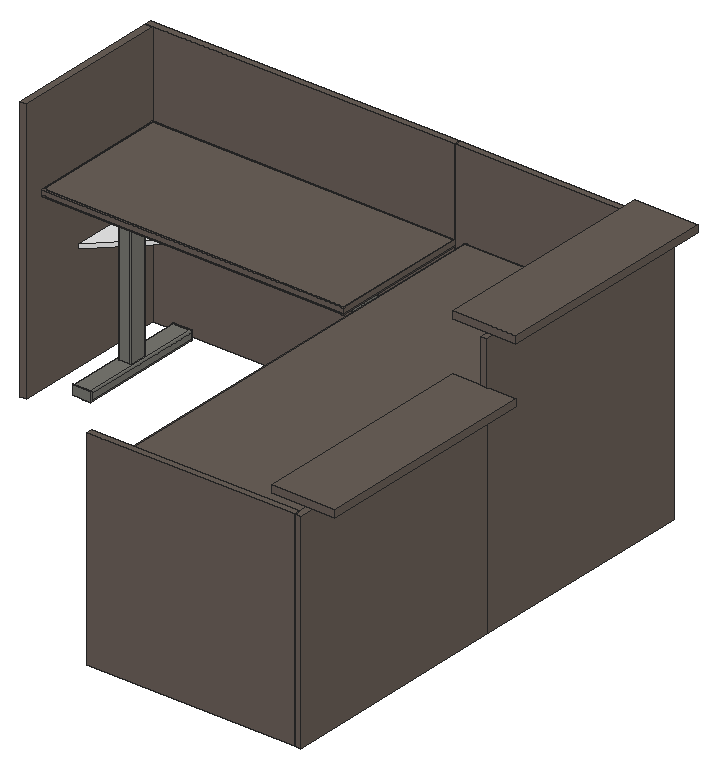
Revit family "OFS TYPICAL T200035", category Furniture, Revit 2022
Family settings
  OmniClass Number = 23.40.20.00
  OmniClass Title = General Furniture and Specialties
  Work Plane-Based = No
  Always vertical = Yes
  Cut with Voids When Loaded = No
  Render Appearance Source = Family Geometry
  Shared = No
  Room Calculation Point = No
Parameters (values of type "T200035")
  URL = "http://ofs.com/"
  Model = "T200035"
  Manufacturer = "OFS"
  Description = "OFS TYPICAL T200035"
  Default Elevation = 0' - 0"
  Copyright © = "©OFS 2024"
  Catalog = ""
  Authoring Version = "Autodesk Revit 2018"
  Assembly Code = "E2020200"
Reference planes (in)
  plane 1 "Center Front/Back": y = 0
  plane 2: z = 0
  plane 3 "Center Left/Right": x = 0
Dimensions and locks (in)
  aligned and locked: level to plane 2
Nested families (in)
  nested 1: "STAKS SUPPORT BASE - PANEL - WALL PANEL" at (18.125, -2.62535, 0), type "STAKS SUPPORT WALL PANEL 28 X 12"
  nested 2: "STAKS RECTANGULAR WORKSURFACES Short Grain" at (-55.05498, 0.33365, 0), type "STAKS RECTANGULAR WORKSURFACE 22 x 48"
    with Height Above Floor 2' - 5"
  nested 3: "STAKS RECTANGULAR WORKSURFACES Long Grain" at (0.16635, -79.55498, 0) x (0, 1, 0) z (0, 0, 1), type "STAKS RECTANGULAR WORKSURFACE 70.5 x 30"
    with Height Above Floor 2' - 5", Depth 2' - 6", Width 5' - 10 1/2"
  nested 4: "STAKS WORKSURFACE HEIGHT PEDESTAL - BOX-BOX-FILE - NO RISER SUPPORT" at (9.49965, -43.08539, 0) x (0, -1, 0) z (0, 0, 1), type "STAKS WORKSURFACE HEIGHT PEDESTAL - BOX-BOX-FILE - NO RISER SUPPORT 27in D"
  nested 5: "STAKS SPINE OR DIVIDER WALL 33in" at (40.55498, -75.83365, 0.125) x (-1, 0, 0) z (0, 0, 1), type "STAKS SPINE OR DIVIDER WALL 33in X 33in"
    with Height Above Floor 2' - 9"
  nested 6: "STAKS SPINE OR DIVIDER WALL 33in" at (31.16635, -81.55498, 0.125) x (0, 1, 0) z (0, 0, 1), type "STAKS SPINE OR DIVIDER WALL 33in X 37in"
    with Height Above Floor 2' - 9"
  nested 7: "STAKS SPINE OR DIVIDER WALL 42in" at (-50.83365, -33.55498, 0) x (0, 1, 0) z (0, 0, 1), type "STAKS SPINE OR DIVIDER WALL 42in X 25"
    with Height Above Floor 3' - 6", Width 2' - 1"
  nested 8: "STAKS SPINE OR DIVIDER WALL 42in" at (-7.55498, 1.83365, 0.125), type "STAKS SPINE OR DIVIDER WALL 42in X 33in"
    with Height Above Floor 3' - 6"
  nested 9: "STAKS SPINE OR DIVIDER WALL 42in" at (31.16635, -44.55498, 0.125) x (0, 1, 0) z (0, 0, 1), type "STAKS SPINE OR DIVIDER WALL 42in X 37in"
    with Height Above Floor 3' - 6"
  nested 10: "STAKS SPINE OR DIVIDER WALL 42in" at (-56.55498, 1.83365, 0.125), type "STAKS SPINE OR DIVIDER WALL 42in X 49in"
    with Height Above Floor 3' - 6"
  nested 11: "STAKS TRANSACTION SHELF" at (31.50035, -2.5, -4.5) x (0, 1, 0) z (0, 0, 1), type "STAKS TRANSACTION SHELF 36in"
  nested 12: "STAKS CENTER ELECTRIC ADJUSTABLE HEIGHT BASE Rectangular" at (-25.5, -9.87535, 0), type "STAKS CENTER ELECTRIC ADJUSTABLE HEIGHT BASE 24in Rectangular"
    with Height 2' - 3 7/8"
  nested 13: "STAKS BENCHING CANTILEVER WORKSURFACE BRACKET - OPEN" at (30.12465, -61.25, 0) x (0, -1, 0) z (0, 0, 1), type "CANTILEVER WORKSURFACE BRACKET - OPEN 30in"
  nested 14: "STAKS BENCHING PRESS FIT BRACKET" at (50, -31.3047, 15.125), type "STAKS BENCHING PRESS FIT BRACKET"
  nested 15: "STAKS BENCHING CANTILEVER WORKSURFACE BRACKET - MINI CONCEALED" at (-0.25, -53.43715, 0) x (-1, 0, 0) z (0, 0, 1), type "STAKS CANTILEVER WORKSURFACE BRACKET - MINI CONCEALED"
  nested 16: "STAKS CORNER SHELF FOR WALL PANEL" at (-43.40381, -5.59619, -11.5) x (0.7071, 0.7071, 0) z (0, 0, 1), type "STAKS CORNER SHELF FOR WALL PANEL"
    with Height Above Floor 2' - 5"
  nested 17: "STAKS CENTER ELECTRIC ADJUSTABLE HEIGHT BASE Rectangular" at (-21.5, -9.87535, 0) x (-1, 0, 0) z (0, 0, 1), type "STAKS CENTER ELECTRIC ADJUSTABLE HEIGHT BASE 24in Rectangular"
    with Height 2' - 3 7/8"
  nested 18: "STAKS SUPPORT BASE - PANEL - WALL PANEL" at (31.37465, -39.42935, 0) x (0, -1, 0) z (0, 0, 1), type "STAKS SUPPORT WALL PANEL 28 X 12"
  nested 19: "STAKS BENCHING CANTILEVER WORKSURFACE BRACKET - OPEN" at (30.12465, 6.39129, 0) x (0, 1, 0) z (0, 0, 1), type "CANTILEVER WORKSURFACE BRACKET - OPEN 30in"
  nested 20: "STAKS BENCHING PRESS FIT BRACKET" at (50, -10.3047, 15.125), type "STAKS BENCHING PRESS FIT BRACKET"
  nested 21: "STAKS BENCHING PRESS FIT BRACKET" at (50, -45.3047, 6.125), type "STAKS BENCHING PRESS FIT BRACKET"
  nested 22: "STAKS BENCHING PRESS FIT BRACKET" at (50, -64.3047, 6.125), type "STAKS BENCHING PRESS FIT BRACKET"
  nested 23: "STAKS TRANSACTION SHELF" at (31.50035, -38.5, -13.5) x (0, 1, 0) z (0, 0, 1), type "STAKS TRANSACTION SHELF 36in"
Definition of nested family "STAKS SUPPORT BASE - PANEL - WALL PANEL"
  Parameters (values of type "STAKS SUPPORT BASE 21 X 12")
    Width [instance] = 1' - 0"
    WALL SUPPORT = no
    URL = "http://www.ofs.com"
    SUPPORT PANEL = no
    SUPPORT BASE = yes
    Model = "6-2112SB"
    Manufacturer = "OFS"
    Height = 1' - 9 7/8"
    Description = "OFS STAKS SUPPORT BASE 21 X12, Base Supports 22\"D Worksurfaces"
    Depth = 1' - 0"
    Default Elevation = 0' - 0"
    Copyright © = "©OFS 2018"
    Catalog = "https://ofs.com/products/casegoods/private-office/staks"
    Authoring Version = "Autodesk Revit Architecture 2013"
    Assembly Code = "E2020200"
  Types (7): name | WALL SUPPORT | SUPPORT PANEL | SUPPORT BASE | Model | Height | Description | Depth
    STAKS SUPPORT PANEL 28 X 12 | no | yes | no | "6-2812SP" | 2' - 3 7/8" | "OFS STAKS SUPPORT PANEL 28 X 12, End Panel Supports 22\"D Worksurfaces" | 1' - 0"
    STAKS SUPPORT BASE 28 X 12 | no | no | yes | "6-2812SB" | 2' - 3 7/8" | "OFS STAKS SUPPORT BASE 28 X12, Base Supports 22\"D Worksurfaces" | 1' - 0"
    STAKS SUPPORT WALL PANEL 28 X 12 | yes | no | no | "6-2812SWPS" | 2' - 3 3/8" | "OFS STAKS SUPPORT WALL PANEL 28 X12, Provides Support for Worksurface in Conjunction with Cantilevers and Stabilizes Wall Panels" | 1' - 0"
    STAKS SUPPORT BASE 21 X 12 | no | no | yes | "6-2112SB" | 1' - 9 7/8" | "OFS STAKS SUPPORT BASE 21 X12, Base Supports 22\"D Worksurfaces" | 1' - 0"
    STAKS SUPPORT BASE 28 X 18 | no | no | yes | "6-2818SB" | 2' - 3 7/8" | "OFS STAKS SUPPORT BASE 28 X18, Base Supports 30\"D Worksurfaces" | 1' - 6"
    STAKS SUPPORT PANEL 21 X 12 | no | yes | no | "6-2112SP" | 1' - 9 7/8" | "OFS STAKS SUPPORT PANEL 21 X 12, End Panel Supports 22\"D Worksurfaces" | 1' - 0"
    STAKS SUPPORT PANEL 28 X 18 | no | yes | no | "6-2818SP" | 2' - 3 7/8" | "OFS STAKS SUPPORT PANEL 28 X 18, End Panel Supports 30\"D Worksurfaces" | 1' - 6"
  Reference planes (in)
    plane 1: z = 0
    plane 2 "Left": x = -12
    plane 3 "Back": y = 1.62535
    plane 4 "PANELL TOP": z = 21.875
    plane 5 "RIGHT": x = -11
    plane 6: y = -10.37465
    plane 7: y = 0.62535
    plane 8: x = -5.5
    plane 9: x = -17.5
  Forms (in)
    Extrusion 1, solid, visible <- "SUPPORT PANEL"
      sketch origin (-7.62535, -10.37465, -0.18015) x (1, 0, 0) y (0, 0, 1)
        loop
          line (-4.37465, 22.05515) -> (-4.37465, 0.18015) -> (-3.37465, 0.18015) -> (-3.37465, 22.05515) -> (-4.37465, 22.05515)
      from -12 to 0
    Extrusion 2, solid, visible <- "SUPPORT BASE"
      sketch origin (-5.5, 5, -0.18015) x (0, 1, 0) y (0, 0, 1)
        loop
          line (-4.37465, 22.05515) -> (-4.37465, 0.18015) -> (-3.37465, 0.18015) -> (-3.37465, 22.05515) -> (-4.37465, 22.05515)
      from -12 to 0
    Extrusion 3, solid, visible <- "SUPPORT BASE"
      sketch origin (3.37465, -10.37465, -0.18015) x (1, 0, 0) y (0, 0, 1)
        loop
          line (-15.37465, 22.05515) -> (-15.37465, 0.18015) -> (-14.37465, 0.18015) -> (-14.37465, 22.05515) -> (-15.37465, 22.05515)
      from -11 to 0
    Extrusion 4, solid, visible <- "WALL SUPPORT"
      sketch origin (-12, 0, 0) x (0, 1, 0) y (0, 0, 1)
        loop
          line (1.62535, 0) -> (1.62535, 20.375) -> (0.12535, 21.875) -> (-0.37465, 21.875) -> (-0.37465, 19.285) -> (-3.43765, 19.285) -> (-3.43765, 21.875) -> (-10.37465, 21.875) -> (-4.43765, 0) -> (1.62535, 0)
      from 0 to 1
  Lines and regions (in)
    Masking region 1, visible <- "SUPPORT PANEL"
      outline origin (-12.62535, -10.37465, 0) x (0, -1, 0) y (1, 0, 0)
        loop
          line (-12, 1.62535) -> (-12, 0.62535) -> (0, 0.62535) -> (0, 1.62535) -> (-12, 1.62535)
    Masking region 2, visible <- "SUPPORT BASE"
      outline origin (-5.5, 0, 0) x (1, 0, 0) y (0, 1, 0)
        loop
          line (-12, 1.62535) -> (-12, 0.62535) -> (0, 0.62535) -> (0, 1.62535) -> (-12, 1.62535)
    Masking region 3, visible <- "SUPPORT BASE"
      outline origin (-1.62535, -10.37465, 0) x (0, -1, 0) y (1, 0, 0)
        loop
          line (-11, -9.37465) -> (-11, -10.37465) -> (0, -10.37465) -> (0, -9.37465) -> (-11, -9.37465)
    Masking region 4, visible <- "WALL SUPPORT"
      outline origin (0, 0, 0) x (1, 0, 0) y (0, 1, 0)
        loop
          line (-11, 1.62535) -> (-12, 1.62535) -> (-12, -10.37465) -> (-11, -10.37465) -> (-11, 1.62535)
  Dimensions and locks (in)
    "Height": plane 4 "PANELL TOP" to plane 1
    locked: plane 2 "Left" to plane 5 "RIGHT" at 1
    "Depth": plane 6 to plane 3 "Back"
    locked: plane 7 to plane 3 "Back" at 1
    locked: plane 9 to plane 2 "Left" at 5.5
    locked: plane 5 "RIGHT" to plane 8 at 5.5
    "Width": plane 9 to plane 8
    aligned: Extrusion 1 to plane 2 "Left"
    aligned: Extrusion 1 to plane 1
    aligned and locked: level to plane 1
    aligned: Extrusion 1 to plane 4 "PANELL TOP"
    aligned: Extrusion 1 to plane 3 "Back"
    aligned and locked: plane 6 to Extrusion 1
    aligned and locked: plane 6 to Masking region 1
    aligned and locked: Extrusion 3 to plane 7
    aligned and locked: Masking region 3 to plane 7
    aligned and locked: plane 6 to Extrusion 3
    aligned and locked: plane 6 to Masking region 3
    aligned and locked: Extrusion 1 to plane 6  (x2)
    aligned and locked: plane 7 to Extrusion 2
    aligned and locked: plane 7 to Masking region 2
    aligned and locked: Masking region 2 to plane 3 "Back"
    aligned and locked: Extrusion 2 to plane 3 "Back"
    aligned and locked: Extrusion 1 to plane 3 "Back"
    aligned and locked: Masking region 1 to plane 3 "Back"
    aligned and locked: Extrusion 1 to plane 2 "Left"
    aligned and locked: plane 5 "RIGHT" to Extrusion 1
    aligned and locked: plane 8 to Masking region 2
    aligned and locked: plane 8 to Extrusion 2
    aligned and locked: Extrusion 2 to plane 9
    aligned and locked: Masking region 2 to plane 9
    aligned and locked: Extrusion 3 to plane 2 "Left"
    aligned and locked: plane 5 "RIGHT" to Extrusion 3
    aligned and locked: Masking region 3 to plane 2 "Left"
    aligned and locked: plane 5 "RIGHT" to Masking region 3
    aligned and locked: Extrusion 3 to plane 4 "PANELL TOP"
    aligned and locked: Extrusion 1 to plane 4 "PANELL TOP"
    aligned and locked: plane 4 "PANELL TOP" to Extrusion 2
    aligned and locked: plane 4 "PANELL TOP" to Extrusion 4 sketch curve
    aligned and locked: Extrusion 4 sketch curve to plane 4 "PANELL TOP"
    aligned and locked: Extrusion 4 sketch curve to plane 3 "Back"
    aligned and locked: Extrusion 4 sketch curve to plane 1
    aligned and locked: Extrusion 4 to plane 2 "Left"
    aligned and locked: plane 5 "RIGHT" to Extrusion 4
  Automatic sketch dimensions
    Extrusion 1 sketch curve to plane 2 "Left" = 0' - 0"
    Extrusion 1 sketch curve to level = 0' - 0"
    Extrusion 1 sketch curve to plane 5 "RIGHT" = 0' - 0"
    Extrusion 1 sketch curve to plane 4 "PANELL TOP" = 0' - 0"
    Masking region 1 sketch curve to plane 2 "Left" = 0' - 0"
    plane 3 "Back" to Masking region 1 sketch curve = 0' - 0"
    Masking region 1 sketch curve to plane 5 "RIGHT" = 0' - 0"
    plane 6 to Masking region 1 sketch curve = 0' - 0"
    Extrusion 2 sketch curve to plane 4 "PANELL TOP" = 0' - 0"
    Extrusion 2 sketch curve to plane 7 = 0' - 0"
    Extrusion 2 sketch curve to level = 0' - 0"
    Extrusion 2 sketch curve to plane 3 "Back" = 0' - 0"
    plane 7 to Masking region 2 sketch curve = 0' - 0"
    Masking region 2 sketch curve to plane 9 = 0' - 0"
    plane 3 "Back" to Masking region 2 sketch curve = 0' - 0"
    Masking region 2 sketch curve to plane 8 = 0' - 0"
    Extrusion 3 sketch curve to plane 2 "Left" = 0' - 0"
    Extrusion 3 sketch curve to level = 0' - 0"
    Extrusion 3 sketch curve to plane 5 "RIGHT" = 0' - 0"
    Extrusion 3 sketch curve to plane 4 "PANELL TOP" = 0' - 0"
    Masking region 3 sketch curve to plane 2 "Left" = 0' - 0"
    plane 7 to Masking region 3 sketch curve = 0' - 0"
    Masking region 3 sketch curve to plane 5 "RIGHT" = 0' - 0"
    plane 6 to Masking region 3 sketch curve = 0' - 0"
    Extrusion 4 sketch curve to plane 6 = 0' - 0"
    plane 7 to Extrusion 4 sketch curve = 0' - 1"
    Extrusion 4 sketch curve to plane 4 "PANELL TOP" = 0' - 2.59"
    plane 7 to Extrusion 4 sketch curve = 0' - 5.063"
    Extrusion 4 sketch curve to Extrusion 4 sketch curve = 0' - 3.063"
    Extrusion 4 sketch curve to Extrusion 4 sketch curve = 0' - 0 1/2"
    Extrusion 4 sketch curve to plane 4 "PANELL TOP" = 0' - 1 1/2"
    Masking region 4 sketch curve to plane 2 "Left" = 0' - 0"
    Masking region 4 sketch curve to plane 5 "RIGHT" = 0' - 0"
    plane 6 to Masking region 4 sketch curve = 0' - 0"
    plane 3 "Back" to Masking region 4 sketch curve = 0' - 0"
Definition of nested family "STAKS RECTANGULAR WORKSURFACES Short Grain"
  Parameters (values of type "STAKS RECTANGULAR WORKSURFACE 22 x 15.625")
    URL = "http://www.ofs.com/"
    Height Above Floor [instance] = 2' - 5"
    Height = 0' - 1 1/8"
    Depth = 1' - 10"
    Model = "6-MCT-22/15.625"
    Manufacturer = "OFS"  # constant formula
    Description = "OFS STAKS 22 X 15.625 RECTANGULAR WORKSURFACE For Worksurface or Low Height Applications, Short Grain"
    Width = 1' - 3 5/8"
    Default Elevation = 0' - 0"
    Copyright © = "© 2018 OFS"  # constant formula
    Catalog = "https://ofs.com/products/casegoods/private-office/staks"  # constant formula
    Authoring Version = "Autodesk Revit Architecture 2013"
    Assembly Code = "E2020200"
  Types (24): name | Model | Description | Width
    STAKS RECTANGULAR WORKSURFACE 22 x 15.625 | "6-MCT-22/15.625" | "OFS STAKS 22 X 15.625 RECTANGULAR WORKSURFACE For Worksurface or Low Height Applications, Short Grain" | 1' - 3 5/8"
    STAKS RECTANGULAR WORKSURFACE 22 x 34 | "6-MCT-22/34" | "OFS STAKS 22 X 34 RECTANGULAR WORKSURFACE For Worksurface or Low Height Applications, Short Grain" | 2' - 10"
    STAKS RECTANGULAR WORKSURFACE 22 x 36 | "6-MCT-22/36" | "OFS STAKS 22 X 36 RECTANGULAR WORKSURFACE For Worksurface or Low Height Applications, Short Grain" | 3' - 0"
    STAKS RECTANGULAR WORKSURFACE 22 x 42 | "6-MCT-22/42" | "OFS STAKS 22 X 42 RECTANGULAR WORKSURFACE For Worksurface or Low Height Applications, Short Grain" | 3' - 6"
    STAKS RECTANGULAR WORKSURFACE 22 x 46 | "6-MCT-22/46" | "OFS STAKS 22 X 46 RECTANGULAR WORKSURFACE For Worksurface or Low Height Applications, Short Grain" | 3' - 10"
    STAKS RECTANGULAR WORKSURFACE 22 x 48 | "6-MCT-22/48" | "OFS STAKS 22 X 48 RECTANGULAR WORKSURFACE For Worksurface or Low Height Applications, Short Grain" | 4' - 0"
    STAKS RECTANGULAR WORKSURFACE 22 x 48.5 | "6-MCT-22/48.5" | "OFS STAKS 22 X 48.5 RECTANGULAR WORKSURFACE For Worksurface or Low Height Applications, Short Grain" | 4' - 0 1/2"
    STAKS RECTANGULAR WORKSURFACE 22 x 54 | "6-MCT-22/54" | "OFS STAKS 22 X 54 RECTANGULAR WORKSURFACE For Worksurface or Low Height Applications, Short Grain" | 4' - 6"
    STAKS RECTANGULAR WORKSURFACE 22 x 55.5 | "6-MCT-22/55.5" | "OFS STAKS 22 X 55.5 RECTANGULAR WORKSURFACE For Worksurface or Low Height Applications, Short Grain" | 4' - 7 1/2"
    STAKS RECTANGULAR WORKSURFACE 22 x 59 | "6-MCT-22/59" | "OFS STAKS 22 X 59 RECTANGULAR WORKSURFACE For Worksurface or Low Height Applications, Short Grain" | 4' - 11"
    STAKS RECTANGULAR WORKSURFACE 22 x 60 | "6-MCT-22/60" | "OFS STAKS 22 X 60 RECTANGULAR WORKSURFACE For Worksurface or Low Height Applications, Short Grain" | 5' - 0"
    STAKS RECTANGULAR WORKSURFACE 22 x 64 | "6-MCT-22/64" | "OFS STAKS 22 X 64 RECTANGULAR WORKSURFACE For Worksurface or Low Height Applications, Short Grain" | 5' - 4"
    STAKS RECTANGULAR WORKSURFACE 22 x 66 | "6-MCT-22/66" | "OFS STAKS 22 X 66 RECTANGULAR WORKSURFACE For Worksurface or Low Height Applications, Short Grain" | 5' - 6"
    STAKS RECTANGULAR WORKSURFACE 22 x 69.625 | "6-MCT-22/69.625" | "OFS STAKS 22 X 69.625 RECTANGULAR WORKSURFACE For Worksurface or Low Height Applications, Short Grain" | 5' - 9 5/8"
    STAKS RECTANGULAR WORKSURFACE 22 x 70.5 | "6-MCT-22/70.5" | "OFS STAKS 22 X 70.5 RECTANGULAR WORKSURFACE For Worksurface or Low Height Applications, Short Grain" | 5' - 10 1/2"
    STAKS RECTANGULAR WORKSURFACE 22 x 72 | "6-MCT-22/72" | "OFS STAKS 22 X 72 RECTANGULAR WORKSURFACE For Worksurface or Low Height Applications, Short Grain" | 6' - 0"
    STAKS RECTANGULAR WORKSURFACE 22 x 74 | "6-MCT-22/74" | "OFS STAKS 22 X 74 RECTANGULAR WORKSURFACE For Worksurface or Low Height Applications, Short Grain" | 6' - 2"
    STAKS RECTANGULAR WORKSURFACE 22 x 78 | "6-MCT-22/78" | "OFS STAKS 22 X 78 RECTANGULAR WORKSURFACE For Worksurface or Low Height Applications, Short Grain" | 6' - 6"
    STAKS RECTANGULAR WORKSURFACE 22 x 82.5 | "6-MCT-22/82.5" | "OFS STAKS 22 X 82.5 RECTANGULAR WORKSURFACE For Worksurface or Low Height Applications, Short Grain" | 6' - 10 1/2"
    STAKS RECTANGULAR WORKSURFACE 22 x 84 | "6-MCT-22/84" | "OFS STAKS 22 X 84 RECTANGULAR WORKSURFACE For Worksurface or Low Height Applications, Short Grain" | 7' - 0"
    STAKS RECTANGULAR WORKSURFACE 22 x 87.625 | "6-MCT-22/87.625" | "OFS STAKS 22 X 87.625 RECTANGULAR WORKSURFACE For Worksurface or Low Height Applications, Short Grain" | 7' - 3 5/8"
    STAKS RECTANGULAR WORKSURFACE 22 x 90 | "6-MCT-22/90" | "OFS STAKS 22 X 90 RECTANGULAR WORKSURFACE For Worksurface or Low Height Applications, Short Grain" | 7' - 6"
    STAKS RECTANGULAR WORKSURFACE 22 x 94 | "6-MCT-22/94" | "OFS STAKS 22 X 94 RECTANGULAR WORKSURFACE For Worksurface or Low Height Applications, Short Grain" | 7' - 10"
    STAKS RECTANGULAR WORKSURFACE 22 x 96 | "6-MCT-22/96" | "OFS STAKS 22 X 96 RECTANGULAR WORKSURFACE For Worksurface or Low Height Applications, Short Grain" | 8' - 0"
  Reference planes (in)
    plane 1: z = -0.125
    plane 2 "LEFT": x = 7.55498
    plane 3 "RIGHT": x = 23.17998
    plane 4 "BACK": y = -1.83365
    plane 5 "FRONT": y = -23.83365
    plane 6: x = 7.67998
    plane 7: x = 23.05498
    plane 8: y = -1.95865
    plane 9: y = -23.70865
    plane 10: z = 27.75
    plane 11 "SURFACE TOP": z = 28.875
  Forms (in)
    Extrusion 1, solid
      sketch origin (0, 0, 17.125) x (-1, 0, 0) y (0, -1, 0)
        loop
          line (-7.67998, 1.95865) -> (-7.67998, 23.70865) -> (-23.05498, 23.70865) -> (-23.05498, 1.95865) -> (-7.67998, 1.95865)
      from 11.75 to 10.625
    Sweep 2, solid
      path origin (0, 0, 28.875) x (0, 1, 0) y (-1, 0, 0)
        loop
          line (-23.83365, -7.55498) -> (-23.83365, -23.17998) -> (-1.83365, -23.17998) -> (-1.83365, -7.55498) -> (-23.83365, -7.55498)
      profile origin (15.36748, -23.83365, 28.875) x (0, 1, 0) y (0, 0, 1)
        loop
          arc (0.125, 0) -> (0.03661, -0.03661) -> (0, -0.125) r 0.125
          line (0, -0.125) -> (0, -1)
          arc (0, -1) -> (0.03661, -1.08839) -> (0.125, -1.125) r 0.125
          line (0.125, -1.125) -> (0.125, 0)
  Lines and regions (in)
    Masking region 1
      outline origin (0, 0, 16.625) x (-1, 0, 0) y (0, -1, 0)
        loop
          line (-7.67998, 1.95865) -> (-7.55498, 1.83365) -> (-7.55498, 23.83365) -> (-7.67998, 23.70865) -> (-7.67998, 1.95865)
    Masking region 2
      outline origin (0, 0, 16.625) x (-1, 0, 0) y (0, -1, 0)
        loop
          line (-7.55498, 1.83365) -> (-7.67998, 1.95865) -> (-23.05498, 1.95865) -> (-23.17998, 1.83365) -> (-7.55498, 1.83365)
    Masking region 3
      outline origin (0, 0, 16.625) x (-1, 0, 0) y (0, -1, 0)
        loop
          line (-23.17998, 1.83365) -> (-23.05498, 1.95865) -> (-23.05498, 23.70865) -> (-23.17998, 23.83365) -> (-23.17998, 1.83365)
    Masking region 4
      outline origin (0, 0, 16.625) x (-1, 0, 0) y (0, -1, 0)
        loop
          line (-23.17998, 23.83365) -> (-23.05498, 23.70865) -> (-7.67998, 23.70865) -> (-7.55498, 23.83365) -> (-23.17998, 23.83365)
    Masking region 5
      outline origin (0, 0, 16.625) x (-1, 0, 0) y (0, -1, 0)
        loop
          line (-23.05498, 23.70865) -> (-23.05498, 1.95865) -> (-7.67998, 1.95865) -> (-7.67998, 23.70865) -> (-23.05498, 23.70865)
  Dimensions and locks (in)
    "Depth": plane 4 "BACK" to plane 5 "FRONT"
    "Width": plane 2 "LEFT" to plane 3 "RIGHT"
    "Height": plane 11 "SURFACE TOP" to plane 10
    locked: plane 4 "BACK" to plane 8 at 0.125
    locked: plane 2 "LEFT" to plane 6 at 0.125
    locked: plane 7 to plane 3 "RIGHT" at 0.125
    locked: plane 9 to plane 5 "FRONT" at 0.125
    "Height Above Floor": plane 11 "SURFACE TOP" to level
    aligned: level to plane 1
    aligned and locked: plane 8 to Extrusion 1 sketch curve
    aligned and locked: Extrusion 1 sketch curve to plane 6
    aligned and locked: Extrusion 1 sketch curve to plane 9
    aligned and locked: plane 7 to Extrusion 1 sketch curve
    aligned and locked: plane 11 "SURFACE TOP" to Extrusion 1
    aligned and locked: Extrusion 1 to plane 10
    aligned and locked: Sweep 2 sketch curve to plane 5 "FRONT"
    aligned and locked: Sweep 2 sketch curve to plane 2 "LEFT"
    aligned and locked: plane 4 "BACK" to Sweep 2 sketch curve
    aligned and locked: plane 3 "RIGHT" to Sweep 2 sketch curve
  Automatic sketch dimensions
    Masking region 1 sketch curve to plane 6 = 0' - 0"
    Masking region 1 sketch curve to plane 2 "LEFT" = 0' - 0"
    Masking region 1 sketch curve to plane 4 "BACK" = 0' - 0"
    Masking region 1 sketch curve to plane 8 = 0' - 0"
    Masking region 1 sketch curve to plane 9 = 0' - 0"
    Masking region 1 sketch curve to plane 5 "FRONT" = 0' - 0"
    Masking region 2 sketch curve to plane 3 "RIGHT" = 0' - 0"
    Masking region 2 sketch curve to plane 7 = 0' - 0"
    Masking region 2 sketch curve to plane 6 = 0' - 0"
    Masking region 2 sketch curve to plane 2 "LEFT" = 0' - 0"
    Masking region 2 sketch curve to plane 4 "BACK" = 0' - 0"
    Masking region 2 sketch curve to plane 8 = 0' - 0"
    Masking region 3 sketch curve to plane 3 "RIGHT" = 0' - 0"
    Masking region 3 sketch curve to plane 7 = 0' - 0"
    Masking region 3 sketch curve to plane 4 "BACK" = 0' - 0"
    Masking region 3 sketch curve to plane 8 = 0' - 0"
    Masking region 3 sketch curve to plane 9 = 0' - 0"
    Masking region 3 sketch curve to plane 5 "FRONT" = 0' - 0"
    Masking region 4 sketch curve to plane 3 "RIGHT" = 0' - 0"
    Masking region 4 sketch curve to plane 7 = 0' - 0"
    Masking region 4 sketch curve to plane 6 = 0' - 0"
    Masking region 4 sketch curve to plane 2 "LEFT" = 0' - 0"
    Masking region 4 sketch curve to plane 9 = 0' - 0"
    Masking region 4 sketch curve to plane 5 "FRONT" = 0' - 0"
    Masking region 5 sketch curve to plane 7 = 0' - 0"
    Masking region 5 sketch curve to plane 6 = 0' - 0"
    Masking region 5 sketch curve to plane 8 = 0' - 0"
    Masking region 5 sketch curve to plane 9 = 0' - 0"
    Sweep 2 sketch curve to profile plane = 0' - 0"
    Sweep 2 sketch curve to plane 11 "SURFACE TOP" = 0' - 0"
    Sweep 2 sketch curve to profile plane = 0' - 0 1/8"
    Sweep 2 sketch curve to Sweep 2 sketch curve = 0' - 0 7/8"
Definition of nested family "STAKS RECTANGULAR WORKSURFACES Long Grain"
  Parameters (values of type "STAKS RECTANGULAR WORKSURFACE 15.625 x 22")
    URL = "http://www.ofs.com/"
    Height Above Floor [instance] = 2' - 5"
    Height = 0' - 1 1/8"
    Depth = 1' - 10"
    Model = "6-MCT-15.625/22"
    Manufacturer = "OFS"
    Description = "OFS STAKS 15.625 X 22 RECTANGULAR WORKSURFACE For Worksurface or Low Height Applications, Long Grain"
    Width = 1' - 3 5/8"
    Default Elevation = 0' - 0"
    Copyright © = "© 2018 OFS"
    Catalog = "https://ofs.com/products/casegoods/private-office/staks"
    Authoring Version = "Autodesk Revit Architecture 2013"
    Assembly Code = "E2020200"
  Types (26): name | Model | Description | Width
    STAKS RECTANGULAR WORKSURFACE 15.625 x 22 | "6-MCT-15.625/22" | "OFS STAKS 15.625 X 22 RECTANGULAR WORKSURFACE For Worksurface or Low Height Applications, Long Grain" | 1' - 3 5/8"
    STAKS RECTANGULAR WORKSURFACE 24 x 22 | "6-MCT-24/22" | "OFS STAKS 24 X 22 RECTANGULAR WORKSURFACE For Worksurface or Low Height Applications, Long Grain" | 2' - 0"
    STAKS RECTANGULAR WORKSURFACE 30 x 22 | "6-MCT-30/22" | "OFS STAKS 30 X 22 RECTANGULAR WORKSURFACE For Worksurface or Low Height Applications, Long Grain" | 2' - 6"
    STAKS RECTANGULAR WORKSURFACE 34 x 22 | "6-MCT-34/22" | "OFS STAKS 34 X 22 RECTANGULAR WORKSURFACE For Worksurface or Low Height Applications, Long Grain" | 2' - 10"
    STAKS RECTANGULAR WORKSURFACE 36 x 22 | "6-MCT-36/22" | "OFS STAKS 36 X 22 RECTANGULAR WORKSURFACE For Worksurface or Low Height Applications, Long Grain" | 3' - 0"
    STAKS RECTANGULAR WORKSURFACE 42 x 22 | "6-MCT-42/22" | "OFS STAKS 42 X 22 RECTANGULAR WORKSURFACE For Worksurface or Low Height Applications, Long Grain" | 3' - 6"
    STAKS RECTANGULAR WORKSURFACE 46 x 22 | "6-MCT-46/22" | "OFS STAKS 46 X 22 RECTANGULAR WORKSURFACE For Worksurface or Low Height Applications, Long Grain" | 3' - 10"
    STAKS RECTANGULAR WORKSURFACE 48 x 22 | "6-MCT-48/22" | "OFS STAKS 48 X 22 RECTANGULAR WORKSURFACE For Worksurface or Low Height Applications, Long Grain" | 4' - 0"
    STAKS RECTANGULAR WORKSURFACE 48.5 x 22 | "6-MCT-48.5/22" | "OFS STAKS 48.5 X 22 RECTANGULAR WORKSURFACE For Worksurface or Low Height Applications, Long Grain" | 4' - 0 1/2"
    STAKS RECTANGULAR WORKSURFACE 54 x 22 | "6-MCT-54/22" | "OFS STAKS 54 X 22 RECTANGULAR WORKSURFACE For Worksurface or Low Height Applications, Long Grain" | 4' - 6"
    STAKS RECTANGULAR WORKSURFACE 55.5 x 22 | "6-MCT-55.5/22" | "OFS STAKS 55.5 X 22 RECTANGULAR WORKSURFACE For Worksurface or Low Height Applications, Long Grain" | 4' - 7 1/2"
    STAKS RECTANGULAR WORKSURFACE 59 x 22 | "6-MCT-59/22" | "OFS STAKS 59 X 22 RECTANGULAR WORKSURFACE For Worksurface or Low Height Applications, Long Grain" | 4' - 11"
    STAKS RECTANGULAR WORKSURFACE 60 x 22 | "6-MCT-60/22" | "OFS STAKS 60 X 22 RECTANGULAR WORKSURFACE For Worksurface or Low Height Applications, Long Grain" | 5' - 0"
    STAKS RECTANGULAR WORKSURFACE 64 x 22 | "6-MCT-64/22" | "OFS STAKS 64 X 22 RECTANGULAR WORKSURFACE For Worksurface or Low Height Applications, Long Grain" | 5' - 4"
    STAKS RECTANGULAR WORKSURFACE 66 x 22 | "6-MCT-66/22" | "OFS STAKS 66 X 22 RECTANGULAR WORKSURFACE For Worksurface or Low Height Applications, Long Grain" | 5' - 6"
    STAKS RECTANGULAR WORKSURFACE 69.625 x 22 | "6-MCT-69.625/22" | "OFS STAKS 69.625 X 22 RECTANGULAR WORKSURFACE For Worksurface or Low Height Applications, Long Grain" | 5' - 9 5/8"
    STAKS RECTANGULAR WORKSURFACE 70.5 x 22 | "6-MCT-70.5/22" | "OFS STAKS 70.5 X 22 RECTANGULAR WORKSURFACE For Worksurface or Low Height Applications, Long Grain" | 5' - 10 1/2"
    STAKS RECTANGULAR WORKSURFACE 72 x 22 | "6-MCT-72/22" | "OFS STAKS 72 X 22 RECTANGULAR WORKSURFACE For Worksurface or Low Height Applications, Long Grain" | 6' - 0"
    STAKS RECTANGULAR WORKSURFACE 74 x 22 | "6-MCT-74/22" | "OFS STAKS 74 X 22 RECTANGULAR WORKSURFACE For Worksurface or Low Height Applications, Long Grain" | 6' - 2"
    STAKS RECTANGULAR WORKSURFACE 78 x 22 | "6-MCT-78/22" | "OFS STAKS 78 X 22 RECTANGULAR WORKSURFACE For Worksurface or Low Height Applications, Long Grain" | 6' - 6"
    STAKS RECTANGULAR WORKSURFACE 82.5 x 22 | "6-MCT-82.5/22" | "OFS STAKS 82.5 X 22 RECTANGULAR WORKSURFACE For Worksurface or Low Height Applications, Long Grain" | 6' - 10 1/2"
    STAKS RECTANGULAR WORKSURFACE 84 x 22 | "6-MCT-84/22" | "OFS STAKS 84 X 22 RECTANGULAR WORKSURFACE For Worksurface or Low Height Applications, Long Grain" | 7' - 0"
    STAKS RECTANGULAR WORKSURFACE 87.625 x 22 | "6-MCT-87.625/22" | "OFS STAKS 87.625 X 22 RECTANGULAR WORKSURFACE For Worksurface or Low Height Applications, Long Grain" | 7' - 3 5/8"
    STAKS RECTANGULAR WORKSURFACE 90 x 22 | "6-MCT-90/22" | "OFS STAKS 90 X 22 RECTANGULAR WORKSURFACE For Worksurface or Low Height Applications, Long Grain" | 7' - 6"
    STAKS RECTANGULAR WORKSURFACE 94 x 22 | "6-MCT-94/22" | "OFS STAKS 94 X 22 RECTANGULAR WORKSURFACE For Worksurface or Low Height Applications, Long Grain" | 7' - 10"
    STAKS RECTANGULAR WORKSURFACE 96 x 22 | "6-MCT-96/22" | "OFS STAKS 96 X 22 RECTANGULAR WORKSURFACE For Worksurface or Low Height Applications, Long Grain" | 8' - 0"
  Reference planes (in)
    plane 1: z = -0.125
    plane 2 "LEFT": x = 7.55498
    plane 3 "RIGHT": x = 23.17998
    plane 4 "BACK": y = -1.83365
    plane 5 "FRONT": y = -23.83365
    plane 6: x = 7.67998
    plane 7: x = 23.05498
    plane 8: y = -1.95865
    plane 9: y = -23.70865
    plane 10: z = 27.75
    plane 11 "SURFACE TOP": z = 28.875
  Forms (in)
    Extrusion 1, solid
      sketch origin (0, 0, 17.125) x (-1, 0, 0) y (0, -1, 0)
        loop
          line (-7.67998, 1.95865) -> (-7.67998, 23.70865) -> (-23.05498, 23.70865) -> (-23.05498, 1.95865) -> (-7.67998, 1.95865)
      from 11.75 to 10.625
    Sweep 2, solid
      path origin (0, 0, 28.875) x (0, 1, 0) y (-1, 0, 0)
        loop
          line (-23.83365, -7.55498) -> (-23.83365, -23.17998) -> (-1.83365, -23.17998) -> (-1.83365, -7.55498) -> (-23.83365, -7.55498)
      profile origin (15.36748, -23.83365, 28.875) x (0, 1, 0) y (0, 0, 1)
        loop
          arc (0.125, 0) -> (0.03661, -0.03661) -> (0, -0.125) r 0.125
          line (0, -0.125) -> (0, -1)
          arc (0, -1) -> (0.03661, -1.08839) -> (0.125, -1.125) r 0.125
          line (0.125, -1.125) -> (0.125, 0)
  Lines and regions (in)
    Masking region 1
      outline origin (0, 0, 16.625) x (-1, 0, 0) y (0, -1, 0)
        loop
          line (-7.67998, 1.95865) -> (-7.55498, 1.83365) -> (-7.55498, 23.83365) -> (-7.67998, 23.70865) -> (-7.67998, 1.95865)
    Masking region 2
      outline origin (0, 0, 16.625) x (-1, 0, 0) y (0, -1, 0)
        loop
          line (-7.55498, 1.83365) -> (-7.67998, 1.95865) -> (-23.05498, 1.95865) -> (-23.17998, 1.83365) -> (-7.55498, 1.83365)
    Masking region 3
      outline origin (0, 0, 16.625) x (-1, 0, 0) y (0, -1, 0)
        loop
          line (-23.17998, 1.83365) -> (-23.05498, 1.95865) -> (-23.05498, 23.70865) -> (-23.17998, 23.83365) -> (-23.17998, 1.83365)
    Masking region 4
      outline origin (0, 0, 16.625) x (-1, 0, 0) y (0, -1, 0)
        loop
          line (-23.17998, 23.83365) -> (-23.05498, 23.70865) -> (-7.67998, 23.70865) -> (-7.55498, 23.83365) -> (-23.17998, 23.83365)
    Masking region 5
      outline origin (0, 0, 16.625) x (-1, 0, 0) y (0, -1, 0)
        loop
          line (-23.05498, 23.70865) -> (-23.05498, 1.95865) -> (-7.67998, 1.95865) -> (-7.67998, 23.70865) -> (-23.05498, 23.70865)
  Dimensions and locks (in)
    "Depth": plane 4 "BACK" to plane 5 "FRONT"
    "Width": plane 2 "LEFT" to plane 3 "RIGHT"
    "Height": plane 11 "SURFACE TOP" to plane 10
    locked: plane 4 "BACK" to plane 8 at 0.125
    locked: plane 2 "LEFT" to plane 6 at 0.125
    locked: plane 7 to plane 3 "RIGHT" at 0.125
    locked: plane 9 to plane 5 "FRONT" at 0.125
    "Height Above Floor": plane 11 "SURFACE TOP" to level
    aligned: level to plane 1
    aligned and locked: plane 8 to Extrusion 1 sketch curve
    aligned and locked: Extrusion 1 sketch curve to plane 6
    aligned and locked: Extrusion 1 sketch curve to plane 9
    aligned and locked: plane 7 to Extrusion 1 sketch curve
    aligned and locked: plane 11 "SURFACE TOP" to Extrusion 1
    aligned and locked: Extrusion 1 to plane 10
    aligned and locked: Sweep 2 sketch curve to plane 5 "FRONT"
    aligned and locked: Sweep 2 sketch curve to plane 2 "LEFT"
    aligned and locked: plane 4 "BACK" to Sweep 2 sketch curve
    aligned and locked: plane 3 "RIGHT" to Sweep 2 sketch curve
  Automatic sketch dimensions
    Masking region 1 sketch curve to plane 6 = 0' - 0"
    Masking region 1 sketch curve to plane 2 "LEFT" = 0' - 0"
    Masking region 1 sketch curve to plane 4 "BACK" = 0' - 0"
    Masking region 1 sketch curve to plane 8 = 0' - 0"
    Masking region 1 sketch curve to plane 9 = 0' - 0"
    Masking region 1 sketch curve to plane 5 "FRONT" = 0' - 0"
    Masking region 2 sketch curve to plane 3 "RIGHT" = 0' - 0"
    Masking region 2 sketch curve to plane 7 = 0' - 0"
    Masking region 2 sketch curve to plane 6 = 0' - 0"
    Masking region 2 sketch curve to plane 2 "LEFT" = 0' - 0"
    Masking region 2 sketch curve to plane 4 "BACK" = 0' - 0"
    Masking region 2 sketch curve to plane 8 = 0' - 0"
    Masking region 3 sketch curve to plane 3 "RIGHT" = 0' - 0"
    Masking region 3 sketch curve to plane 7 = 0' - 0"
    Masking region 3 sketch curve to plane 4 "BACK" = 0' - 0"
    Masking region 3 sketch curve to plane 8 = 0' - 0"
    Masking region 3 sketch curve to plane 9 = 0' - 0"
    Masking region 3 sketch curve to plane 5 "FRONT" = 0' - 0"
    Masking region 4 sketch curve to plane 3 "RIGHT" = 0' - 0"
    Masking region 4 sketch curve to plane 7 = 0' - 0"
    Masking region 4 sketch curve to plane 6 = 0' - 0"
    Masking region 4 sketch curve to plane 2 "LEFT" = 0' - 0"
    Masking region 4 sketch curve to plane 9 = 0' - 0"
    Masking region 4 sketch curve to plane 5 "FRONT" = 0' - 0"
    Masking region 5 sketch curve to plane 7 = 0' - 0"
    Masking region 5 sketch curve to plane 6 = 0' - 0"
    Masking region 5 sketch curve to plane 8 = 0' - 0"
    Masking region 5 sketch curve to plane 9 = 0' - 0"
    Sweep 2 sketch curve to profile plane = 0' - 0"
    Sweep 2 sketch curve to plane 11 "SURFACE TOP" = 0' - 0"
    Sweep 2 sketch curve to profile plane = 0' - 0 1/8"
    Sweep 2 sketch curve to Sweep 2 sketch curve = 0' - 0 7/8"
Definition of nested family "STAKS WORKSURFACE HEIGHT PEDESTAL - BOX-BOX-FILE - NO RISER SUPPORT"
  Parameters (values of type "STAKS WORKSURFACE HEIGHT PEDESTAL - BOX-BOX-FILE - NO RISER SUPPORT 19in D")
    URL = "http://www.ofs.com/"
    Riser Support = 0' - 0"
    Model = "6-NW1619MPD1"
    Manufacturer = "OFS"
    Height = 2' - 3 7/8"
    Drawer Material = none
    Drawer Handle Width = 0' - 5 7/16"
    Drawer Handle Material = none
    Description = "OFS STAKS WORKSURFACE HEIGHT PEDESTAL - BOX-BOX-FILE - NO RISER SUPPORT 19\" D, Two Box Drawers, Use with 22\"D Worksurfaces"
    Width = 1' - 3 5/8"
    Depth = 1' - 7 3/8"
    Default Elevation = 0' - 0"
    DH2 = 0' - 6 1/2"
    DH1 = 1' - 2 3/8"
    Copyright © = "© 2018 OFS"
    Chasis Material = none
    Catalog = "https://ofs.com/products/casegoods/private-office/staks"
    Board Thickness = 0' - 0 3/4"
    Authoring Version = "Autodesk Revit Architecture 2013"
    Assembly Code = "E2020200"
  Types (6): name | Model | Description | Depth
    STAKS WORKSURFACE HEIGHT PEDESTAL - BOX-BOX-FILE - NO RISER SUPPORT 19in D | "6-NW1619MPD1" | "OFS STAKS WORKSURFACE HEIGHT PEDESTAL - BOX-BOX-FILE - NO RISER SUPPORT 19\" D, Two Box Drawers, Use with 22\"D Worksurfaces" | 1' - 7 3/8"
    STAKS WORKSURFACE HEIGHT PEDESTAL - BOX-BOX-FILE - NO RISER SUPPORT 22in D | "6-NW1622MPD1" | "OFS STAKS WORKSURFACE HEIGHT PEDESTAL - BOX-BOX-FILE - NO RISER SUPPORT 22\" D, Two Box Drawers, Use with 22\"D Worksurfaces" | 1' - 9 7/8"
    STAKS WORKSURFACE HEIGHT PEDESTAL - BOX-BOX-FILE - NO RISER SUPPORT 27in D | "6-NW1627MPD1" | "OFS STAKS WORKSURFACE HEIGHT PEDESTAL - BOX-BOX-FILE - NO RISER SUPPORT 27\" D, Two Box Drawers, Use with 30\"D Worksurfaces" | 2' - 3 3/8"
    STAKS WORKSURFACE HEIGHT PEDESTAL - BOX-BOX-FILE - NO RISER SUPPORT 30in D | "6-NW1630MPD1" | "OFS STAKS WORKSURFACE HEIGHT PEDESTAL - BOX-BOX-FILE - NO RISER SUPPORT 30\" D, Two Box Drawers, Use with 30\"D Worksurfaces" | 2' - 5 7/8"
    STAKS WORKSURFACE HEIGHT PEDESTAL - BOX-BOX-FILE - NO RISER SUPPORT 33in D | "6-NW1633MPD1" | "OFS STAKS WORKSURFACE HEIGHT PEDESTAL - BOX-BOX-FILE - NO RISER SUPPORT 33\" D, Two Box Drawers, Use with 36\"D Worksurfaces" | 2' - 9 3/8"
    STAKS WORKSURFACE HEIGHT PEDESTAL - BOX-BOX-FILE - NO RISER SUPPORT 36in D | "6-NW1636MPD1" | "OFS STAKS WORKSURFACE HEIGHT PEDESTAL - BOX-BOX-FILE - NO RISER SUPPORT 36\" D, Two Box Drawers, Use with 36\"D Worksurfaces" | 2' - 11 7/8"
  Reference planes (in)
    plane 1: z = 0
    plane 2 "Right": x = 20.97711
    plane 3: z = 27.875
    plane 4: z = 14.375
    plane 5: z = 14.25
    plane 6: z = 0
    plane 7: z = 14
    plane 8: z = 27.625
    plane 9: z = 13.531
    plane 10: z = 27.15625
    plane 11: x = 13.16461
    plane 12: y = 1.37535
    plane 13: y = 0.62535
    plane 14: x = 13.22711
    plane 15: x = 28.72661
    plane 16: x = 13.91461
    plane 17: y = 20.00035
    plane 18: x = 28.78961
    plane 19: x = 28.03961
    plane 20: x = 18.25836
    plane 21: x = 18.63336
    plane 22: x = 23.69586
    plane 23: x = 23.32086
    plane 24: y = -0.18715
    plane 25: y = -0.37465
    plane 26: z = 20.875
    plane 27: z = 20.75
    plane 28: z = 20.5
    plane 29: z = 20.031
    plane 30: z = 0.25
    plane 31: y = 19.25035
    plane 32: z = 0.75
    plane 33: y = 16.75035
    plane 34: y = 4.37535
    plane 35: y = 8.37535
    plane 36: y = 12.75035
    plane 37: y = 5.00035
    plane 38: y = 13.37535
    plane 39: z = 28
  Forms (in)
    Extrusion 1, solid, material <- "Drawer Material"
      sketch origin (20.35211, 5, -13.1802) x (0, 1, 0) y (0, 0, 1)
        loop
          line (-4.37465, 27.4302) -> (-4.37465, 13.4302) -> (-3.62465, 13.4302) -> (-3.62465, 27.4302) -> (-4.37465, 27.4302)
      from -7.125 to 8.3745
    Extrusion 2, solid, material <- "Drawer Material"
      sketch origin (20.35211, 2.25, -7.68015) x (0, 1, 0) y (0, 0, 1)
        loop
          line (-1.62465, 28.43015) -> (-1.62465, 22.05515) -> (-0.87465, 22.05515) -> (-0.87465, 28.43015) -> (-1.62465, 28.43015)
      from -7.125 to 8.3745
    Extrusion 3, solid, material <- "Chasis Material"
      sketch origin (-3, -1.24965, 0) x (1, 0, 0) y (0, 0, 1)
        loop
          line (16.16461, 0) -> (16.91461, 0) -> (16.91461, 27.875) -> (16.16461, 27.875) -> (16.16461, 0)
      from -21.25 to -2.625
    Extrusion 4, solid, material <- "Chasis Material"
      sketch origin (19.35211, 31.02324, 0) x (0, 1, 0) y (0, 0, 1)
        loop
          line (-11.77289, 0) -> (-11.02289, 0) -> (-11.02289, 27.875) -> (-11.77289, 27.875) -> (-11.77289, 0)
      from -5.4375 to 8.6875
    Extrusion 5, solid, material <- "Drawer Handle Material"
      sketch origin (9, 0, 9.60933) x (1, 0, 0) y (0, 1, 0)
        loop
          line (9.25836, 0.62535) -> (9.25836, -0.37465) -> (14.69586, -0.37465) -> (14.69586, 0.62535) -> (14.32086, 0.62535) -> (14.32086, -0.18715) -> (9.63336, -0.18715) -> (9.63336, 0.62535) -> (9.25836, 0.62535)
      from 3.92167 to 4.39067
    Extrusion 6, solid, material <- "Drawer Handle Material"
      sketch origin (9, 0, 20.67137) x (1, 0, 0) y (0, 1, 0)
        loop
          line (9.25836, 0.62535) -> (9.25836, -0.37465) -> (14.69586, -0.37465) -> (14.69586, 0.62535) -> (14.32086, 0.62535) -> (14.32086, -0.18715) -> (9.63336, -0.18715) -> (9.63336, 0.62535) -> (9.25836, 0.62535)
      from -0.64037 to -0.17137
    Extrusion 7, solid, material <- "Chasis Material"
      sketch origin (0, 0, 0) x (1, 0, 0) y (0, 1, 0)
        loop
          line (28.78961, 20.00035) -> (28.03961, 20.00035) -> (28.03961, 1.37535) -> (28.78961, 1.37535) -> (28.78961, 20.00035)
      from 0 to 27.875
    Extrusion 8, solid, material <- "Drawer Material"
      sketch origin (20.35211, 2.25, 0.06985) x (0, 1, 0) y (0, 0, 1)
        loop
          line (-1.62465, 27.80515) -> (-1.62465, 20.80515) -> (-0.87465, 20.80515) -> (-0.87465, 27.80515) -> (-1.62465, 27.80515)
      from -7.125 to 8.3745
    Extrusion 9, solid, material <- "Drawer Handle Material"
      sketch origin (9, 0, 28.42137) x (1, 0, 0) y (0, 1, 0)
        loop
          line (9.25836, 0.62535) -> (9.25836, -0.37465) -> (14.69586, -0.37465) -> (14.69586, 0.62535) -> (14.32086, 0.62535) -> (14.32086, -0.18715) -> (9.63336, -0.18715) -> (9.63336, 0.62535) -> (9.25836, 0.62535)
      from -1.26512 to -0.79637
    Extrusion 10, solid, material <- "Chasis Material"
      sketch origin (-29.79592, -1.62465, 7.24693) x (1, 0, 0) y (0, 0, 1)
        loop
          line (43.71054, 19.90932) -> (57.83554, 19.90932) -> (57.83554, 20.62807) -> (43.71054, 20.62807) -> (43.71054, 19.90932)
      from -18.375 to -14.375
    Extrusion 11, solid, material <- "Chasis Material"
      sketch origin (-29.79592, -7.12465, 7.24693) x (1, 0, 0) y (0, 0, 1)
        loop
          line (43.71054, 19.90932) -> (57.83554, 19.90932) -> (57.83554, 20.62807) -> (43.71054, 20.62807) -> (43.71054, 19.90932)
      from -15.5 to -11.5
    Extrusion 12, solid, material <- "Chasis Material"
      sketch origin (-31.5409, -1.62465, -42.72261) x (1, 0, 0) y (0, 0, 1)
        loop
          line (45.45551, 42.72261) -> (59.58051, 42.72261) -> (59.58051, 43.47261) -> (45.45551, 43.47261) -> (45.45551, 42.72261)
      from -20.875 to -3
    Extrusion 13, solid
      sketch origin (0, 0, 0) x (1, 0, 0) y (0, 1, 0)
        loop
          line (28.72661, 20.00035) -> (28.03961, 20.00035) -> (28.03961, 13.37535) -> (13.91461, 13.37535) -> (13.91461, 20.00035) -> (13.22711, 20.00035) -> (13.22711, 0.62535) -> (13.91461, 0.62535) -> (13.91461, 4.37535) -> (28.03961, 4.37535) -> (28.03961, 0.62535) -> (28.72661, 0.62535) -> (28.72661, 20.00035)
        loop
          line (28.03961, 5.00035) -> (28.03961, 12.75035) -> (13.91461, 12.75035) -> (13.91461, 5.00035) -> (28.03961, 5.00035)
      from 27.875 to 28
  Dimensions and locks (in)
    "Board Thickness": plane 13 to plane 12
    locked: plane 11 to plane 14 at 0.0625
    "Board Thickness": plane 11 to plane 16
    locked: plane 15 to plane 18 at 0.063
    "Width": plane 11 to plane 18
    Extrusion 7 sketch curve to plane 18 = 0' - 0 3/4"
    "Board Thickness": plane 19 to plane 18
    equal spacing: plane 11, plane 2 "Right", plane 18
    locked: plane 20 to plane 21 at 0.375
    locked: plane 23 to plane 22 at 0.375
    equal spacing: plane 20, plane 2 "Right", plane 22
    "Drawer Handle Width": plane 20 to plane 22
    plane 25 to plane 24 to plane 13 = 0' - 0 3/16" locked, 0' - 0 13/16" locked
    "Riser Support": plane 6 to level
    "Height": plane 3 to plane 6
    "DH1": plane 4 to plane 6
    "DH2": plane 26 to plane 4
    locked: plane 30 to plane 6 at 0.25
    "Board Thickness": plane 31 to plane 17
    "Depth": plane 13 to plane 17
    plane 4 to plane 5 to plane 7 to plane 9 = 0' - 0 1/8" locked, 0' - 0 1/4" locked, 0' - 0.469" locked
    plane 26 to plane 27 to plane 28 to plane 29 = 0' - 0 1/8" locked, 0' - 0 1/4" locked, 0' - 0.469" locked
    plane 3 to plane 8 to plane 10 = 0' - 0 1/4" locked, 0' - 0 15/32" locked
    "Board Thickness": plane 32 to plane 6
    plane 12 to plane 34 to plane 35 = 0' - 3" locked, 0' - 4" locked
    plane 36 to plane 33 to plane 31 = 0' - 4" locked, 0' - 2 1/2" locked
    locked: plane 34 to plane 37 at 0.625
    locked: plane 36 to plane 38 at 0.625
    locked: plane 39 to plane 3 at 0.125
    aligned and locked: level to plane 1
    aligned and locked: Extrusion 1 to plane 14
    aligned and locked: plane 15 to Extrusion 1
    aligned and locked: Extrusion 2 to plane 12
    aligned and locked: plane 13 to Extrusion 2
    aligned and locked: plane 15 to Extrusion 2
    aligned and locked: Extrusion 2 to plane 14
    aligned and locked: plane 12 to Extrusion 3
    aligned and locked: Extrusion 3 to plane 17
    aligned and locked: Extrusion 4 to plane 16
    aligned and locked: plane 16 to Extrusion 3
    aligned and locked: Extrusion 3 to plane 11
    aligned and locked: Extrusion 4 to plane 17
    aligned and locked: Extrusion 1 sketch curve to plane 12
    aligned and locked: plane 13 to Extrusion 1 sketch curve
    aligned and locked: plane 19 to Extrusion 4
    aligned and locked: plane 3 to Extrusion 3
    aligned and locked: Extrusion 6 to plane 22
    aligned and locked: Extrusion 5 to plane 22
    aligned and locked: plane 23 to Extrusion 6
    aligned and locked: plane 23 to Extrusion 5
    aligned and locked: plane 21 to Extrusion 6
    aligned and locked: plane 21 to Extrusion 5
    aligned and locked: Extrusion 6 to plane 20
    aligned and locked: Extrusion 5 to plane 20
    aligned and locked: plane 24 to Extrusion 6
    aligned and locked: plane 7 to Extrusion 5
    aligned and locked: Extrusion 5 to plane 9
    aligned and locked: plane 3 to Extrusion 4
    aligned and locked: plane 27 to Extrusion 2
    aligned and locked: Extrusion 6 to plane 29
    aligned and locked: plane 28 to Extrusion 6
    aligned and locked: Extrusion 1 to plane 30
    aligned and locked: Extrusion 8 to plane 26
    aligned and locked: plane 3 to Extrusion 8
    aligned and locked: Extrusion 9 to plane 10
    aligned and locked: plane 8 to Extrusion 9
    aligned and locked: Extrusion 7 to plane 19
    aligned and locked: Extrusion 8 to plane 14
    aligned and locked: plane 15 to Extrusion 8
    aligned and locked: plane 3 to Extrusion 7
    aligned and locked: Extrusion 7 to plane 6
    aligned and locked: plane 3 to Extrusion 10
    aligned and locked: Extrusion 10 to plane 10
    aligned and locked: plane 19 to Extrusion 10
    aligned and locked: Extrusion 10 to plane 16
    aligned and locked: Extrusion 10 to plane 33
    aligned and locked: plane 36 to Extrusion 10
    aligned and locked: plane 34 to Extrusion 11
    aligned and locked: Extrusion 11 to plane 35
    aligned and locked: plane 3 to Extrusion 11
    aligned and locked: Extrusion 11 to plane 10
    aligned and locked: plane 32 to Extrusion 12
    aligned and locked: Extrusion 12 to plane 6
    aligned and locked: Extrusion 12 to plane 31
    aligned and locked: plane 12 to Extrusion 12
    aligned and locked: plane 19 to Extrusion 12
    aligned and locked: Extrusion 12 to plane 16
    aligned and locked: Extrusion 13 to plane 3
    aligned and locked: plane 39 to Extrusion 13
  Automatic sketch dimensions
    Extrusion 1 sketch curve to plane 30 = 0' - 0"
    Extrusion 1 sketch curve to plane 5 = 0' - 0"
    Extrusion 2 sketch curve to plane 13 = 0' - 0"
    Extrusion 2 sketch curve to plane 4 = 0' - 0"
    Extrusion 2 sketch curve to plane 12 = 0' - 0"
    Extrusion 2 sketch curve to plane 27 = 0' - 0"
    Extrusion 3 sketch curve to plane 6 = 0' - 0"
    Extrusion 3 sketch curve to plane 11 = 0' - 0"
    Extrusion 3 sketch curve to plane 3 = 0' - 0"
    Extrusion 3 sketch curve to plane 16 = 0' - 0"
    Extrusion 4 sketch curve to plane 6 = 0' - 0"
    Extrusion 4 sketch curve to plane 3 = 0' - 0"
    Extrusion 4 sketch curve to plane 17 = 0' - 0"
    plane 31 to Extrusion 4 sketch curve = 0' - 0"
    plane 13 to Extrusion 5 sketch curve = 0' - 0"  (x2)
    Extrusion 5 sketch curve to plane 20 = 0' - 0"
    Extrusion 5 sketch curve to plane 21 = 0' - 0"
    Extrusion 5 sketch curve to plane 23 = 0' - 0"
    Extrusion 5 sketch curve to plane 22 = 0' - 0"
    plane 25 to Extrusion 5 sketch curve = 0' - 0"
    plane 24 to Extrusion 5 sketch curve = 0' - 0"
    plane 13 to Extrusion 6 sketch curve = 0' - 0"  (x2)
    Extrusion 6 sketch curve to plane 20 = 0' - 0"
    Extrusion 6 sketch curve to plane 21 = 0' - 0"
    Extrusion 6 sketch curve to plane 23 = 0' - 0"
    Extrusion 6 sketch curve to plane 22 = 0' - 0"
    plane 25 to Extrusion 6 sketch curve = 0' - 0"
    plane 24 to Extrusion 6 sketch curve = 0' - 0"
    plane 12 to Extrusion 7 sketch curve = 0' - 0"
    Extrusion 7 sketch curve to plane 18 = 0' - 0"
    plane 17 to Extrusion 7 sketch curve = 0' - 0"
    Extrusion 8 sketch curve to plane 3 = 0' - 0"
    Extrusion 8 sketch curve to plane 13 = 0' - 0"
    Extrusion 8 sketch curve to plane 12 = 0' - 0"
    Extrusion 8 sketch curve to plane 26 = 0' - 0"
    plane 13 to Extrusion 9 sketch curve = 0' - 0"  (x2)
    Extrusion 9 sketch curve to plane 20 = 0' - 0"
    Extrusion 9 sketch curve to plane 21 = 0' - 0"
    Extrusion 9 sketch curve to plane 23 = 0' - 0"
    Extrusion 9 sketch curve to plane 22 = 0' - 0"
    plane 25 to Extrusion 9 sketch curve = 0' - 0"
    plane 24 to Extrusion 9 sketch curve = 0' - 0"
    Extrusion 10 sketch curve to plane 10 = 0' - 0"
    Extrusion 10 sketch curve to plane 16 = 0' - 0"
    Extrusion 10 sketch curve to plane 3 = 0' - 0"
    Extrusion 10 sketch curve to plane 19 = 0' - 0"
    Extrusion 11 sketch curve to plane 10 = 0' - 0"
    Extrusion 11 sketch curve to plane 16 = 0' - 0"
    Extrusion 11 sketch curve to plane 3 = 0' - 0"
    Extrusion 11 sketch curve to plane 19 = 0' - 0"
    plane 14 to Extrusion 12 sketch curve = 0' - 0 11/16"
    Extrusion 12 sketch curve to plane 6 = 0' - 0"
    plane 6 to Extrusion 12 sketch curve = 0' - 0 3/4"
    Extrusion 12 sketch curve to plane 19 = 0' - 0"
    Extrusion 13 sketch curve to plane 14 = 0' - 0"
    Extrusion 13 sketch curve to plane 19 = 0' - 0"  (x2)
    Extrusion 13 sketch curve to plane 15 = 0' - 0"
    plane 13 to Extrusion 13 sketch curve = 0' - 0"  (x2)
    Extrusion 13 sketch curve to plane 34 = 0' - 0"
    Extrusion 13 sketch curve to plane 37 = 0' - 0"
    Extrusion 13 sketch curve to plane 38 = 0' - 0"
    Extrusion 13 sketch curve to plane 36 = 0' - 0"
    Extrusion 13 sketch curve to Extrusion 13 sketch curve = 0' - 0"  (x2)
    Extrusion 13 sketch curve to plane 16 = 0' - 0"  (x2)
    plane 17 to Extrusion 13 sketch curve = 0' - 0"  (x2)
Definition of nested family "STAKS SPINE OR DIVIDER WALL 33in"
  Parameters (values of type "STAKS SPINE OR DIVIDER WALL 33in X 24in")
    URL = "http://www.ofs.com/"
    Height Above Floor [instance] = 2' - 9"
    Height = 2' - 9"
    Depth = 0' - 1"
    Model = "6-PAN-33/24"
    Manufacturer = "OFS"
    Description = "OFS STAKS SPINE OR DIVIDER WALL 33\" Height x 24\" Width, Levelers allow 2.5\" Height Adjustability for Uneven\r\nFloor"
    Width = 2' - 0"
    Default Elevation = 0' - 0"
    Copyright © = "© 2018 OFS"
    Catalog = "https://ofs.com/products/casegoods/private-office/staks"
    Authoring Version = "Autodesk Revit Architecture 2013"
    Assembly Code = "E2020200"
  Types (19): name | Model | Description | Width
    STAKS SPINE OR DIVIDER WALL 33in X 24in | "6-PAN-33/24" | "OFS STAKS SPINE OR DIVIDER WALL 33\" Height x 24\" Width, Levelers allow 2.5\" Height Adjustability for Uneven\r\nFloor" | 2' - 0"
    STAKS SPINE OR DIVIDER WALL 33in X 33in | "6-PAN-33/33" | "OFS STAKS SPINE OR DIVIDER WALL 33\" Height x 33\" Width, Levelers allow 2.5\" Height Adjustability for Uneven\r\nFloor" | 2' - 9"
    STAKS SPINE OR DIVIDER WALL 33in X 26in | "6-PAN-33/26" | "OFS STAKS SPINE OR DIVIDER WALL 33\" Height x 26\" Width, Levelers allow 2.5\" Height Adjustability for Uneven\r\nFloor" | 2' - 2"
    STAKS SPINE OR DIVIDER WALL 33in X 30in | "6-PAN-33/30" | "OFS STAKS SPINE OR DIVIDER WALL 33\" Height x 30\" Width, Levelers allow 2.5\" Height Adjustability for Uneven\r\nFloor" | 2' - 6"
    STAKS SPINE OR DIVIDER WALL 33in X 36in | "6-PAN-33/36" | "OFS STAKS SPINE OR DIVIDER WALL 33\" Height x 36\" Width, Levelers allow 2.5\" Height Adjustability for Uneven\r\nFloor" | 3' - 0"
    STAKS SPINE OR DIVIDER WALL 33in X 37in | "6-PAN-33/37" | "OFS STAKS SPINE OR DIVIDER WALL 33\" Height x 37\" Width, Levelers allow 2.5\" Height Adjustability for Uneven\r\nFloor" | 3' - 1"
    STAKS SPINE OR DIVIDER WALL 33in X 39in | "6-PAN-33/39" | "OFS STAKS SPINE OR DIVIDER WALL 33\" Height x 39\" Width, Levelers allow 2.5\" Height Adjustability for Uneven\r\nFloor" | 3' - 3"
    STAKS SPINE OR DIVIDER WALL 33in X 40in | "6-PAN-33/40" | "OFS STAKS SPINE OR DIVIDER WALL 33\" Height x 40\" Width, Levelers allow 2.5\" Height Adjustability for Uneven\r\nFloor" | 3' - 4"
    STAKS SPINE OR DIVIDER WALL 33in X 42in | "6-PAN-33/42" | "OFS STAKS SPINE OR DIVIDER WALL 33\" Height x 42\" Width, Levelers allow 2.5\" Height Adjustability for Uneven\r\nFloor" | 3' - 6"
    STAKS SPINE OR DIVIDER WALL 33in X 44in | "6-PAN-33/44" | "OFS STAKS SPINE OR DIVIDER WALL 33\" Height x 44\" Width, Levelers allow 2.5\" Height Adjustability for Uneven\r\nFloor" | 3' - 8"
    STAKS SPINE OR DIVIDER WALL 33in X 45in | "6-PAN-33/45" | "OFS STAKS SPINE OR DIVIDER WALL 33\" Height x 45\" Width, Levelers allow 2.5\" Height Adjustability for Uneven\r\nFloor" | 3' - 9"
    STAKS SPINE OR DIVIDER WALL 33in X 47in | "6-PAN-33/47" | "OFS STAKS SPINE OR DIVIDER WALL 33\" Height x 47\" Width, Levelers allow 2.5\" Height Adjustability for Uneven\r\nFloor" | 3' - 11"
    STAKS SPINE OR DIVIDER WALL 33in X 48in | "6-PAN-33/48" | "OFS STAKS SPINE OR DIVIDER WALL 33\" Height x 48\" Width, Levelers allow 2.5\" Height Adjustability for Uneven\r\nFloor" | 4' - 0"
    STAKS SPINE OR DIVIDER WALL 33in X 49in | "6-PAN-33/49" | "OFS STAKS SPINE OR DIVIDER WALL 33\" Height x 49\" Width, Levelers allow 2.5\" Height Adjustability for Uneven\r\nFloor" | 4' - 1"
    STAKS SPINE OR DIVIDER WALL 33in X 52in | "6-PAN-33/52" | "OFS STAKS SPINE OR DIVIDER WALL 33\" Height x 52\" Width, Levelers allow 2.5\" Height Adjustability for Uneven\r\nFloor" | 4' - 4"
    STAKS SPINE OR DIVIDER WALL 33in X 54in | "6-PAN-33/54" | "OFS STAKS SPINE OR DIVIDER WALL 33\" Height x 54\" Width, Levelers allow 2.5\" Height Adjustability for Uneven\r\nFloor" | 4' - 6"
    STAKS SPINE OR DIVIDER WALL 33in X 56in | "6-PAN-33/56" | "OFS STAKS SPINE OR DIVIDER WALL 33\" Height x 56\" Width, Levelers allow 2.5\" Height Adjustability for Uneven\r\nFloor" | 4' - 8"
    STAKS SPINE OR DIVIDER WALL 33in X 58in | "6-PAN-33/58" | "OFS STAKS SPINE OR DIVIDER WALL 33\" Height x 58\" Width, Levelers allow 2.5\" Height Adjustability for Uneven\r\nFloor" | 4' - 10"
    STAKS SPINE OR DIVIDER WALL 33in X 59in | "6-PAN-33/59" | "OFS STAKS SPINE OR DIVIDER WALL 33\" Height x 59\" Width, Levelers allow 2.5\" Height Adjustability for Uneven\r\nFloor" | 4' - 11"
  Reference planes (in)
    plane 1: z = -0.125
    plane 2 "LEFT": x = 7.55498
    plane 3 "RIGHT": x = 31.55498
    plane 4 "BACK": y = -1.83365
    plane 5 "FRONT": y = -2.83365
    plane 6: x = 7.67998
    plane 7: x = 31.42998
